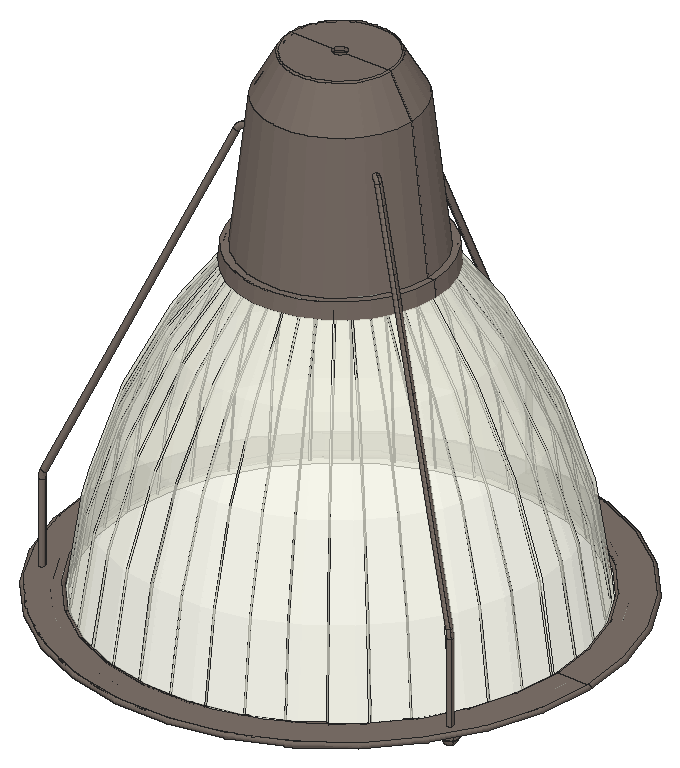
Revit family "RP16", category Lighting Fixtures, Revit 2024
Family settings
  Round Connector Dimension = Use Diameter
  Part Type = Normal
  OmniClass Number = 23.80.70.00
  OmniClass Title = Lighting
  Work Plane-Based = No
  Always vertical = Yes
  Cut with Voids When Loaded = No
  Light Source = No
  Maintain Annotation Orientation = No
  Shared = No
  Room Calculation Point = No
Parameters
  Default Elevation = 0' - 0"
Reference planes (in)
  plane 1 "Light Source Axis (F/B)": y = 0
  plane 2: z = 0
  plane 3 "Light Source Axis (L/R)": x = 0
  plane 4 "Light Source Elevation": z = 54
Forms (in)
  Revolve 1, solid, material "19"
    sketch origin (0, 0, 0) x (1, 0, 0) y (0, 0, 1)
      loop
        arc (1.80443, 71.53072) -> (1.78151, 71.55397) -> (1.75, 71.5625) r 0.0625
        line (1.75, 71.5625) -> (0.25, 71.5625) -> (0.25, 71.46875) -> (1.73175, 71.46875) -> (2.47164, 70.15775) -> (3.05509, 65.28125) -> (3.30238, 65.28125) -> (3.34339, 64.8125) -> (3.4375, 64.8125) -> (3.38829, 65.375) -> (3.13829, 65.375) -> (2.5625, 70.1875) -> (1.80443, 71.53072)
      axis (0, 71.5625) -> (0, 64.8125)
    angle from 0 to 360
  Revolve 2, solid, material "GLASS SHADE"
    sketch origin (0, 0, 0) x (1, 0, 0) y (0, 0, 1)
      loop
        arc (7.72228, 54.125) -> (6.32424, 59.99541) -> (3.09655, 65.09427) r 18.3395
        line (3.09655, 65.09427) -> (3.03016, 65.02788)
        arc (3.03016, 65.02788) -> (6.26187, 59.90179) -> (7.6365, 54) r 18.24575
        line (7.6365, 54) -> (8.0625, 54)
        arc (8.0625, 54) -> (8.125, 54.0625) -> (8.0625, 54.125) r 0.0625
        line (8.0625, 54.125) -> (7.72228, 54.125)
      axis (0, 65.09427) -> (0, 54)
    angle from 0 to 360
  Revolve 3, solid, material "19"
    sketch origin (0, 0, 0) x (1, 0, 0) y (0, 0, 1)
      loop
        arc (8.91252, 54.125) -> (9.00002, 54.2125) -> (8.91252, 54.3) r 0.0875
        line (8.91252, 54.3) -> (7.83891, 54.3)
        arc (7.83891, 54.3) -> (7.75141, 54.2125) -> (7.83891, 54.125) r 0.0875
        line (7.83891, 54.125) -> (8.91252, 54.125)
      axis (0, 54.125) -> (0, 54.3)
    angle from 0 to 360
  Sweep 4, solid, material "19"
    path origin (0, 0, 0) x (0.866025, 0.5, 0) y (0, 0, 1)
      loop
        line (-8.46947, 54.3) -> (-8.46947, 57.12427)
        arc (-8.46947, 57.12427) -> (-8.45518, 57.25188) -> (-8.41302, 57.37318) r 0.577
        line (-8.41302, 57.37318) -> (-2.93463, 68.83039)
        arc (-2.93463, 68.83039) -> (-2.68932, 68.96471) -> (-2.51245, 68.74806) r 0.21875
    profile origin (-2.32902, -1.34466, 68.96471) x (0.165762, 0.095703, 0.981511) y (0.5, -0.866025, 0)
      loop
        circle (0, 0) r 0.09375
  Revolve 5, solid, material "19"
    sketch origin (0, 0, 0) x (0.866025, 0.5, 0) y (0, 0, 1)
      loop
        line (-8.46947, 54.125) -> (-8.78095, 54.125) -> (-8.78095, 53.96904)
        arc (-8.78095, 53.96904) -> (-8.7461, 53.93169) -> (-8.70059, 53.90849) r 0.14725
        arc (-8.70059, 53.90849) -> (-8.63293, 53.745) -> (-8.46947, 53.67727) r 0.23112
        line (-8.46947, 53.67727) -> (-8.46947, 54.125)
      axis (-8.46947, 53.67727) -> (-8.46947, 54.125)
    angle from 0 to 360
  Sweep 6, solid, material "19"
    path origin (0, 0, 0) x (0, -1, 0) y (0, 0, 1)
      loop
        line (-8.46947, 54.3) -> (-8.46947, 57.12427)
        arc (-8.46947, 57.12427) -> (-8.45518, 57.25188) -> (-8.41302, 57.37318) r 0.577
        line (-8.41302, 57.37318) -> (-2.93463, 68.83039)
        arc (-2.93463, 68.83039) -> (-2.68932, 68.96471) -> (-2.51245, 68.74806) r 0.21875
    profile origin (0, 2.68932, 68.96471) x (0, -0.191405, 0.981511) y (-1, 0, 0)
      loop
        circle (0, 0) r 0.09375
  Revolve 7, solid, material "19"
    sketch origin (0, 0, 0) x (0, -1, 0) y (0, 0, 1)
      loop
        line (-8.46947, 54.125) -> (-8.78095, 54.125) -> (-8.78095, 53.96904)
        arc (-8.78095, 53.96904) -> (-8.7461, 53.93169) -> (-8.70059, 53.90849) r 0.14725
        arc (-8.70059, 53.90849) -> (-8.63293, 53.745) -> (-8.46947, 53.67727) r 0.23112
        line (-8.46947, 53.67727) -> (-8.46947, 54.125)
      axis (-8.46947, 53.67727) -> (-8.46947, 54.125)
    angle from 0 to 360
  Sweep 8, solid, material "19"
    path origin (0, 0, 0) x (-0.866025, 0.5, 0) y (0, 0, 1)
      loop
        line (-8.46947, 54.3) -> (-8.46947, 57.12427)
        arc (-8.46947, 57.12427) -> (-8.45518, 57.25188) -> (-8.41302, 57.37318) r 0.577
        line (-8.41302, 57.37318) -> (-2.93463, 68.83039)
        arc (-2.93463, 68.83039) -> (-2.68932, 68.96471) -> (-2.51245, 68.74806) r 0.21875
    profile origin (2.32902, -1.34466, 68.96471) x (-0.165762, 0.095703, 0.981511) y (0.5, 0.866025, 0)
      loop
        circle (0, 0) r 0.09375
  Revolve 9, solid, material "19"
    sketch origin (0, 0, 0) x (-0.866025, 0.5, 0) y (0, 0, 1)
      loop
        line (-8.46947, 54.125) -> (-8.78095, 54.125) -> (-8.78095, 53.96904)
        arc (-8.78095, 53.96904) -> (-8.7461, 53.93169) -> (-8.70059, 53.90849) r 0.14725
        arc (-8.70059, 53.90849) -> (-8.63293, 53.745) -> (-8.46947, 53.67727) r 0.23112
        line (-8.46947, 53.67727) -> (-8.46947, 54.125)
      axis (-8.46947, 53.67727) -> (-8.46947, 54.125)
    angle from 0 to 360
  Sweep 10, solid, material "GLASS SHADE"
    path origin (0.01562, 0, 0) x (1, 0, 0) y (0, 0, 1)
      loop
        arc (-3.03016, 65.02788) -> (-6.21082, 59.94829) -> (-7.62786, 54.125) r 18.76618
    profile origin (-6.1952, 0, 59.94829) x (0.921423, 0, -0.388561) y (0, -1, 0)
      loop
        circle (0, 0) r 0.03125
  Sweep 11, solid, material "GLASS SHADE"
    path origin (0.01543, -0.00244, 0) x (0.987688, -0.156434, 0) y (0, 0, 1)
      loop
        arc (-3.03016, 65.02788) -> (-6.21082, 59.94829) -> (-7.62786, 54.125) r 18.76618
    profile origin (-6.11892, 0.96914, 59.94829) x (0.910079, -0.144142, -0.388561) y (-0.156434, -0.987688, 0)
      loop
        circle (0, 0) r 0.03125
  Sweep 12, solid, material "GLASS SHADE"
    path origin (0.01543, 0.00244, 0) x (0.987688, 0.156434, 0) y (0, 0, 1)
      loop
        arc (-3.03016, 65.02788) -> (-6.21082, 59.94829) -> (-7.62786, 54.125) r 18.76618
    profile origin (-6.11892, -0.96914, 59.94829) x (0.910079, 0.144142, -0.388561) y (0.156434, -0.987688, 0)
      loop
        circle (0, 0) r 0.03125
  Sweep 13, solid, material "GLASS SHADE"
    path origin (0.01486, 0.00483, 0) x (0.951057, 0.309017, 0) y (0, 0, 1)
      loop
        arc (-3.03016, 65.02788) -> (-6.21082, 59.94829) -> (-7.62786, 54.125) r 18.76618
    profile origin (-5.89198, -1.91442, 59.94829) x (0.876325, 0.284735, -0.388561) y (0.309017, -0.951057, 0)
      loop
        circle (0, 0) r 0.03125
  Sweep 14, solid, material "GLASS SHADE"
    path origin (0.01392, 0.00709, 0) x (0.891007, 0.45399, 0) y (0, 0, 1)
      loop
        arc (-3.03016, 65.02788) -> (-6.21082, 59.94829) -> (-7.62786, 54.125) r 18.76618
    profile origin (-5.51996, -2.81256, 59.94829) x (0.820994, 0.418317, -0.388561) y (0.45399, -0.891007, 0)
      loop
        circle (0, 0) r 0.03125
  Sweep 15, solid, material "GLASS SHADE"
    path origin (0.01264, 0.00918, 0) x (0.809017, 0.587785, 0) y (0, 0, 1)
      loop
        arc (-3.03016, 65.02788) -> (-6.21082, 59.94829) -> (-7.62786, 54.125) r 18.76618
    profile origin (-5.01202, -3.64144, 59.94829) x (0.745447, 0.541599, -0.388561) y (0.587785, -0.809017, 0)
      loop
        circle (0, 0) r 0.03125
  Sweep 16, solid, material "GLASS SHADE"
    path origin (0.01105, 0.01105, 0) x (0.707107, 0.707107, 0) y (0, 0, 1)
      loop
        arc (-3.03016, 65.02788) -> (-6.21082, 59.94829) -> (-7.62786, 54.125) r 18.76618
    profile origin (-4.38067, -4.38067, 59.94829) x (0.651544, 0.651544, -0.388561) y (0.707107, -0.707107, 0)
      loop
        circle (0, 0) r 0.03125
  Sweep 17, solid, material "GLASS SHADE"
    path origin (0.00918, 0.01264, 0) x (0.587785, 0.809017, 0) y (0, 0, 1)
      loop
        arc (-3.03016, 65.02788) -> (-6.21082, 59.94829) -> (-7.62786, 54.125) r 18.76618
    profile origin (-3.64144, -5.01202, 59.94829) x (0.541599, 0.745447, -0.388561) y (0.809017, -0.587785, 0)
      loop
        circle (0, 0) r 0.03125
  Sweep 18, solid, material "GLASS SHADE"
    path origin (0.00709, 0.01392, 0) x (0.45399, 0.891007, 0) y (0, 0, 1)
      loop
        arc (-3.03016, 65.02788) -> (-6.21082, 59.94829) -> (-7.62786, 54.125) r 18.76618
    profile origin (-2.81256, -5.51996, 59.94829) x (0.418317, 0.820994, -0.388561) y (0.891007, -0.45399, 0)
      loop
        circle (0, 0) r 0.03125
  Sweep 19, solid, material "GLASS SHADE"
    path origin (0.00483, 0.01486, 0) x (0.309017, 0.951057, 0) y (0, 0, 1)
      loop
        arc (-3.03016, 65.02788) -> (-6.21082, 59.94829) -> (-7.62786, 54.125) r 18.76618
    profile origin (-1.91442, -5.89198, 59.94829) x (0.284735, 0.876325, -0.388561) y (0.951057, -0.309017, 0)
      loop
        circle (0, 0) r 0.03125
  Sweep 20, solid, material "GLASS SHADE"
    path origin (0.00244, 0.01543, 0) x (0.156434, 0.987688, 0) y (0, 0, 1)
      loop
        arc (-3.03016, 65.02788) -> (-6.21082, 59.94829) -> (-7.62786, 54.125) r 18.76618
    profile origin (-0.96914, -6.11892, 59.94829) x (0.144142, 0.910079, -0.388561) y (0.987688, -0.156434, 0)
      loop
        circle (0, 0) r 0.03125
  Sweep 21, solid, material "GLASS SHADE"
    path origin (0, 0.01562, 0) x (0, 1, 0) y (0, 0, 1)
      loop
        arc (-3.03016, 65.02788) -> (-6.21082, 59.94829) -> (-7.62786, 54.125) r 18.76618
    profile origin (0, -6.1952, 59.94829) x (0, 0.921423, -0.388561) y (1, 0, 0)
      loop
        circle (0, 0) r 0.03125
  Sweep 22, solid, material "GLASS SHADE"
    path origin (-0.00244, 0.01543, 0) x (-0.156434, 0.987688, 0) y (0, 0, 1)
      loop
        arc (-3.03016, 65.02788) -> (-6.21082, 59.94829) -> (-7.62786, 54.125) r 18.76618
    profile origin (0.96914, -6.11892, 59.94829) x (-0.144142, 0.910079, -0.388561) y (0.987688, 0.156434, 0)
      loop
        circle (0, 0) r 0.03125
  Sweep 23, solid, material "GLASS SHADE"
    path origin (-0.00483, 0.01486, 0) x (-0.309017, 0.951057, 0) y (0, 0, 1)
      loop
        arc (-3.03016, 65.02788) -> (-6.21082, 59.94829) -> (-7.62786, 54.125) r 18.76618
    profile origin (1.91442, -5.89198, 59.94829) x (-0.284735, 0.876325, -0.388561) y (0.951057, 0.309017, 0)
      loop
        circle (0, 0) r 0.03125
  Sweep 24, solid, material "GLASS SHADE"
    path origin (-0.00709, 0.01392, 0) x (-0.45399, 0.891007, 0) y (0, 0, 1)
      loop
        arc (-3.03016, 65.02788) -> (-6.21082, 59.94829) -> (-7.62786, 54.125) r 18.76618
    profile origin (2.81256, -5.51996, 59.94829) x (-0.418317, 0.820994, -0.388561) y (0.891007, 0.45399, 0)
      loop
        circle (0, 0) r 0.03125
  Sweep 25, solid, material "GLASS SHADE"
    path origin (-0.00918, 0.01264, 0) x (-0.587785, 0.809017, 0) y (0, 0, 1)
      loop
        arc (-3.03016, 65.02788) -> (-6.21082, 59.94829) -> (-7.62786, 54.125) r 18.76618
    profile origin (3.64144, -5.01202, 59.94829) x (-0.541599, 0.745447, -0.388561) y (0.809017, 0.587785, 0)
      loop
        circle (0, 0) r 0.03125
  Sweep 26, solid, material "GLASS SHADE"
    path origin (-0.01105, 0.01105, 0) x (-0.707107, 0.707107, 0) y (0, 0, 1)
      loop
        arc (-3.03016, 65.02788) -> (-6.21082, 59.94829) -> (-7.62786, 54.125) r 18.76618
    profile origin (4.38067, -4.38067, 59.94829) x (-0.651544, 0.651544, -0.388561) y (0.707107, 0.707107, 0)
      loop
        circle (0, 0) r 0.03125
  Sweep 27, solid, material "GLASS SHADE"
    path origin (-0.01264, 0.00918, 0) x (-0.809017, 0.587785, 0) y (0, 0, 1)
      loop
        arc (-3.03016, 65.02788) -> (-6.21082, 59.94829) -> (-7.62786, 54.125) r 18.76618
    profile origin (5.01202, -3.64144, 59.94829) x (-0.745447, 0.541599, -0.388561) y (0.587785, 0.809017, 0)
      loop
        circle (0, 0) r 0.03125
  Sweep 28, solid, material "GLASS SHADE"
    path origin (-0.01392, 0.00709, 0) x (-0.891007, 0.45399, 0) y (0, 0, 1)
      loop
        arc (-3.03016, 65.02788) -> (-6.21082, 59.94829) -> (-7.62786, 54.125) r 18.76618
    profile origin (5.51996, -2.81256, 59.94829) x (-0.820994, 0.418317, -0.388561) y (0.45399, 0.891007, 0)
      loop
        circle (0, 0) r 0.03125
  Sweep 29, solid, material "GLASS SHADE"
    path origin (-0.01486, 0.00483, 0) x (-0.951057, 0.309017, 0) y (0, 0, 1)
      loop
        arc (-3.03016, 65.02788) -> (-6.21082, 59.94829) -> (-7.62786, 54.125) r 18.76618
    profile origin (5.89198, -1.91442, 59.94829) x (-0.876325, 0.284735, -0.388561) y (0.309017, 0.951057, 0)
      loop
        circle (0, 0) r 0.03125
  Sweep 30, solid, material "GLASS SHADE"
    path origin (-0.01543, 0.00244, 0) x (-0.987688, 0.156434, 0) y (0, 0, 1)
      loop
        arc (-3.03016, 65.02788) -> (-6.21082, 59.94829) -> (-7.62786, 54.125) r 18.76618
    profile origin (6.11892, -0.96914, 59.94829) x (-0.910079, 0.144142, -0.388561) y (0.156434, 0.987688, 0)
      loop
        circle (0, 0) r 0.03125
  Sweep 31, solid, material "GLASS SHADE"
    path origin (-0.01562, 0, 0) x (-1, 0, 0) y (0, 0, 1)
      loop
        arc (-3.03016, 65.02788) -> (-6.21082, 59.94829) -> (-7.62786, 54.125) r 18.76618
    profile origin (6.1952, 0, 59.94829) x (-0.921423, 0, -0.388561) y (0, 1, 0)
      loop
        circle (0, 0) r 0.03125
  Sweep 32, solid, material "GLASS SHADE"
    path origin (-0.01543, -0.00244, 0) x (-0.987688, -0.156434, 0) y (0, 0, 1)
      loop
        arc (-3.03016, 65.02788) -> (-6.21082, 59.94829) -> (-7.62786, 54.125) r 18.76618
    profile origin (6.11892, 0.96914, 59.94829) x (-0.910079, -0.144142, -0.388561) y (-0.156434, 0.987688, 0)
      loop
        circle (0, 0) r 0.03125
  Sweep 33, solid, material "GLASS SHADE"
    path origin (-0.01486, -0.00483, 0) x (-0.951057, -0.309017, 0) y (0, 0, 1)
      loop
        arc (-3.03016, 65.02788) -> (-6.21082, 59.94829) -> (-7.62786, 54.125) r 18.76618
    profile origin (5.89198, 1.91442, 59.94829) x (-0.876325, -0.284735, -0.388561) y (-0.309017, 0.951057, 0)
      loop
        circle (0, 0) r 0.03125
  Sweep 34, solid, material "GLASS SHADE"
    path origin (-0.01392, -0.00709, 0) x (-0.891007, -0.45399, 0) y (0, 0, 1)
      loop
        arc (-3.03016, 65.02788) -> (-6.21082, 59.94829) -> (-7.62786, 54.125) r 18.76618
    profile origin (5.51996, 2.81256, 59.94829) x (-0.820994, -0.418317, -0.388561) y (-0.45399, 0.891007, 0)
      loop
        circle (0, 0) r 0.03125
  Sweep 35, solid, material "GLASS SHADE"
    path origin (-0.01264, -0.00918, 0) x (-0.809017, -0.587785, 0) y (0, 0, 1)
      loop
        arc (-3.03016, 65.02788) -> (-6.21082, 59.94829) -> (-7.62786, 54.125) r 18.76618
    profile origin (5.01202, 3.64144, 59.94829) x (-0.745447, -0.541599, -0.388561) y (-0.587785, 0.809017, 0)
      loop
        circle (0, 0) r 0.03125
  Sweep 36, solid, material "GLASS SHADE"
    path origin (-0.01105, -0.01105, 0) x (-0.707107, -0.707107, 0) y (0, 0, 1)
      loop
        arc (-3.03016, 65.02788) -> (-6.21082, 59.94829) -> (-7.62786, 54.125) r 18.76618
    profile origin (4.38067, 4.38067, 59.94829) x (-0.651544, -0.651544, -0.388561) y (-0.707107, 0.707107, 0)
      loop
        circle (0, 0) r 0.03125
  Sweep 37, solid, material "GLASS SHADE"
    path origin (-0.00918, -0.01264, 0) x (-0.587785, -0.809017, 0) y (0, 0, 1)
      loop
        arc (-3.03016, 65.02788) -> (-6.21082, 59.94829) -> (-7.62786, 54.125) r 18.76618
    profile origin (3.64144, 5.01202, 59.94829) x (-0.541599, -0.745447, -0.388561) y (-0.809017, 0.587785, 0)
      loop
        circle (0, 0) r 0.03125
  Sweep 38, solid, material "GLASS SHADE"
    path origin (-0.00709, -0.01392, 0) x (-0.45399, -0.891007, 0) y (0, 0, 1)
      loop
        arc (-3.03016, 65.02788) -> (-6.21082, 59.94829) -> (-7.62786, 54.125) r 18.76618
    profile origin (2.81256, 5.51996, 59.94829) x (-0.418317, -0.820994, -0.388561) y (-0.891007, 0.45399, 0)
      loop
        circle (0, 0) r 0.03125
  Sweep 39, solid, material "GLASS SHADE"
    path origin (-0.00483, -0.01486, 0) x (-0.309017, -0.951057, 0) y (0, 0, 1)
      loop
        arc (-3.03016, 65.02788) -> (-6.21082, 59.94829) -> (-7.62786, 54.125) r 18.76618
    profile origin (1.91442, 5.89198, 59.94829) x (-0.284735, -0.876325, -0.388561) y (-0.951057, 0.309017, 0)
      loop
        circle (0, 0) r 0.03125
  Sweep 40, solid, material "GLASS SHADE"
    path origin (-0.00244, -0.01543, 0) x (-0.156434, -0.987688, 0) y (0, 0, 1)
      loop
        arc (-3.03016, 65.02788) -> (-6.21082, 59.94829) -> (-7.62786, 54.125) r 18.76618
    profile origin (0.96914, 6.11892, 59.94829) x (-0.144142, -0.910079, -0.388561) y (-0.987688, 0.156434, 0)
      loop
        circle (0, 0) r 0.03125
  Sweep 41, solid, material "GLASS SHADE"
    path origin (0, -0.01562, 0) x (0, -1, 0) y (0, 0, 1)
      loop
        arc (-3.03016, 65.02788) -> (-6.21082, 59.94829) -> (-7.62786, 54.125) r 18.76618
    profile origin (0, 6.1952, 59.94829) x (0, -0.921423, -0.388561) y (-1, 0, 0)
      loop
        circle (0, 0) r 0.03125
  Sweep 42, solid, material "GLASS SHADE"
    path origin (0.00244, -0.01543, 0) x (0.156434, -0.987688, 0) y (0, 0, 1)
      loop
        arc (-3.03016, 65.02788) -> (-6.21082, 59.94829) -> (-7.62786, 54.125) r 18.76618
    profile origin (-0.96914, 6.11892, 59.94829) x (0.144142, -0.910079, -0.388561) y (-0.987688, -0.156434, 0)
      loop
        circle (0, 0) r 0.03125
  Sweep 43, solid, material "GLASS SHADE"
    path origin (0.00483, -0.01486, 0) x (0.309017, -0.951057, 0) y (0, 0, 1)
      loop
        arc (-3.03016, 65.02788) -> (-6.21082, 59.94829) -> (-7.62786, 54.125) r 18.76618
    profile origin (-1.91442, 5.89198, 59.94829) x (0.284735, -0.876325, -0.388561) y (-0.951057, -0.309017, 0)
      loop
        circle (0, 0) r 0.03125
  Sweep 44, solid, material "GLASS SHADE"
    path origin (0.00709, -0.01392, 0) x (0.45399, -0.891007, 0) y (0, 0, 1)
      loop
        arc (-3.03016, 65.02788) -> (-6.21082, 59.94829) -> (-7.62786, 54.125) r 18.76618
    profile origin (-2.81256, 5.51996, 59.94829) x (0.418317, -0.820994, -0.388561) y (-0.891007, -0.45399, 0)
      loop
        circle (0, 0) r 0.03125
  Sweep 45, solid, material "GLASS SHADE"
    path origin (0.00918, -0.01264, 0) x (0.587785, -0.809017, 0) y (0, 0, 1)
      loop
        arc (-3.03016, 65.02788) -> (-6.21082, 59.94829) -> (-7.62786, 54.125) r 18.76618
    profile origin (-3.64144, 5.01202, 59.94829) x (0.541599, -0.745447, -0.388561) y (-0.809017, -0.587785, 0)
      loop
        circle (0, 0) r 0.03125
  Sweep 46, solid, material "GLASS SHADE"
    path origin (0.01105, -0.01105, 0) x (0.707107, -0.707107, 0) y (0, 0, 1)
      loop
        arc (-3.03016, 65.02788) -> (-6.21082, 59.94829) -> (-7.62786, 54.125) r 18.76618
    profile origin (-4.38067, 4.38067, 59.94829) x (0.651544, -0.651544, -0.388561) y (-0.707107, -0.707107, 0)
      loop
        circle (0, 0) r 0.03125
  Sweep 47, solid, material "GLASS SHADE"
    path origin (0.01264, -0.00918, 0) x (0.809017, -0.587785, 0) y (0, 0, 1)
      loop
        arc (-3.03016, 65.02788) -> (-6.21082, 59.94829) -> (-7.62786, 54.125) r 18.76618
    profile origin (-5.01202, 3.64144, 59.94829) x (0.745447, -0.541599, -0.388561) y (-0.587785, -0.809017, 0)
      loop
        circle (0, 0) r 0.03125
  Sweep 48, solid, material "GLASS SHADE"
    path origin (0.01392, -0.00709, 0) x (0.891007, -0.45399, 0) y (0, 0, 1)
      loop
        arc (-3.03016, 65.02788) -> (-6.21082, 59.94829) -> (-7.62786, 54.125) r 18.76618
    profile origin (-5.51996, 2.81256, 59.94829) x (0.820994, -0.418317, -0.388561) y (-0.45399, -0.891007, 0)
      loop
        circle (0, 0) r 0.03125
  Sweep 49, solid, material "GLASS SHADE"
    path origin (0.01486, -0.00483, 0) x (0.951057, -0.309017, 0) y (0, 0, 1)
      loop
        arc (-3.03016, 65.02788) -> (-6.21082, 59.94829) -> (-7.62786, 54.125) r 18.76618
    profile origin (-5.89198, 1.91442, 59.94829) x (0.876325, -0.284735, -0.388561) y (-0.309017, -0.951057, 0)
      loop
        circle (0, 0) r 0.03125
Dimensions and locks (in)
  aligned and locked: level to plane 2
